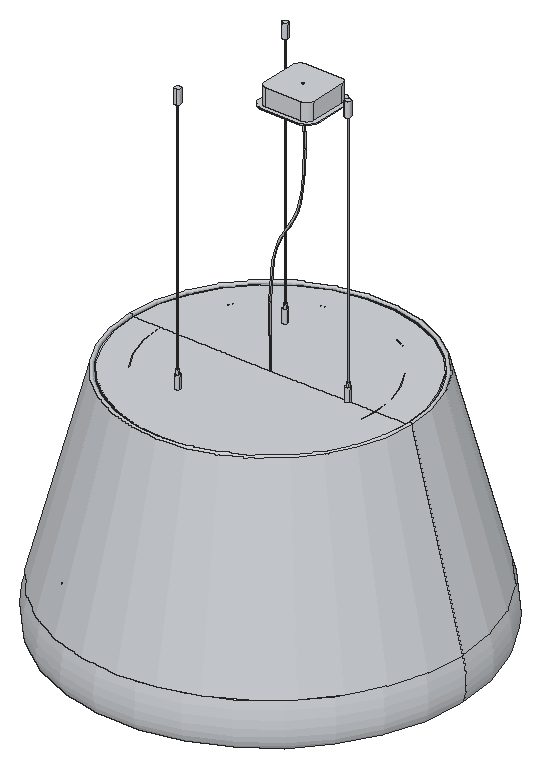
Revit family "BuzziBurner", category Lighting Fixtures, host Ceiling, Revit 2018
Family settings
  Host = Ceiling
  Round Connector Dimension = Use Diameter
  Part Type = Normal
  OmniClass Number = 23.80.70.11
  OmniClass Title = Luminaries for Internal Lighting
  Always vertical = Yes
  Cut with Voids When Loaded = No
  Light Source = Yes
  Shared = No
  Room Calculation Point = No
Parameters (values of type "Ceiling Suspended Straight")
  Wattage = 12.1178 W
  built-in parameter 1150110 = 1 (stored number, unit not read)
  built-in parameter 1114217 = 1 (stored number, unit not read)
  built-in parameter 1150109 = 1 (stored number, unit not read)
  built-in parameter 1150134 = (empty or 0)
  built-in parameter 1150113 = 1 (stored number, unit not read)
  Shade Upholstery [instance] = none
  Metal Housing [instance] = none
  Lumens = 1800 lm
  built-in parameter 1150115 = 1 (stored number, unit not read)
  built-in parameter 1150105 = 572.96 (stored number, unit not read)
  Light Source Symbol Size = 60.96 cm
  built-in parameter 1150137 = (empty or 0)
  built-in parameter 1150139 = (empty or 0)
  Light Material [instance] = none
  built-in parameter 1150112 = 1 (stored number, unit not read)
  built-in parameter 1150114 = 1 (stored number, unit not read)
  built-in parameter 1150132 = 2
  built-in parameter 1150102 = (empty or 0)
  built-in parameter 1150138 = (empty or 0)
  built-in parameter 1150107 = 3000 (stored number, unit not read)
  built-in parameter 1150106 = 5.7296 (stored number, unit not read)
  built-in parameter 1150104 = 13.8 (stored number, unit not read)
  Drop From Ceiling [instance] = 106.68 cm
  Dimming Lamp Color Temperature Shift = <None>
  Cord [instance] = none
  Color Filter = 16777215
  Ceiling Suspended Straight = yes
  Ceiling Suspended Split = no
  Canopy [instance] = none
  Cables [instance] = none
  built-in parameter 1114218 = 1 (stored number, unit not read)
  built-in parameter 1150133 = 10 (stored number, unit not read)
Types (3, lengths in cm): name | Ceiling Suspended Straight | Ceiling Suspended Split
  (no name) | yes | no
  Ceiling Suspended Straight | yes | no
  Ceiling Suspended Split | no | yes
Reference planes (cm)
  plane 1 "Light Source Axis (F/B)": y = 0
  plane 2 "Ceiling": z = 243.84
  plane 3 "Light Source Axis (L/R)": x = 0
  plane 4 "Light Source Elevation": z = 178.7128
  plane 5: z = 137.16
  plane 6: z = 186.6628
  plane 7: z = 190.2128
  plane 8: z = 230.2128
  plane 9: z = 226.6628
Forms (cm)
  Revolve 1, solid, material <- "Cables"
    sketch origin (0, -14.2894, 0) x (1, 0, 0) y (0, 0, 1)
      loop
        line (-8.25, 190.2128) -> (-8.5, 190.2128) -> (-8.5, 189.3128) -> (-8.75, 189.3128) -> (-8.75, 186.6628) -> (-8.25, 186.6628) -> (-8.25, 190.2128)
      axis (-8.25, 186.6628) -> (-8.25, 190.2128)
    angle from 0 to 360
  Revolve 2, solid, material <- "Cables"
    sketch origin (0, 14.2894, 0) x (1, 0, 0) y (0, 0, 1)
      loop
        line (-8.25, 190.2128) -> (-8.5, 190.2128) -> (-8.5, 189.3128) -> (-8.75, 189.3128) -> (-8.75, 186.6628) -> (-8.25, 186.6628) -> (-8.25, 190.2128)
      axis (-8.25, 186.6628) -> (-8.25, 190.2128)
    angle from 0 to 360
  Revolve 3, solid, material <- "Cables"
    sketch origin (24.75, 0, 0) x (1, 0, 0) y (0, 0, 1)
      loop
        line (-8.25, 190.2128) -> (-8.5, 190.2128) -> (-8.5, 189.3128) -> (-8.75, 189.3128) -> (-8.75, 186.6628) -> (-8.25, 186.6628) -> (-8.25, 190.2128)
      axis (-8.25, 186.6628) -> (-8.25, 190.2128)
    angle from 0 to 360
  Extrusion 4, solid, material <- "Canopy"
    sketch origin (1, 0, 243.84) x (1, 0, 0) y (0, 1, 0)
      loop
        arc (2.2433, 5.25) -> (1.1839, 4.8112) -> (0.7451, 3.7518) r 1.4982
        line (0.7451, 3.7518) -> (0.7451, -3.7518)
        arc (0.7451, -3.7518) -> (1.1839, -4.8112) -> (2.2433, -5.25) r 1.4982
        line (2.2433, -5.25) -> (9.7469, -5.25)
        arc (9.7469, -5.25) -> (10.8062, -4.8112) -> (11.2451, -3.7518) r 1.4982
        line (11.2451, -3.7518) -> (11.2451, 3.7518)
        arc (11.2451, 3.7518) -> (10.8062, 4.8112) -> (9.7469, 5.25) r 1.4982
        line (9.7469, 5.25) -> (2.2433, 5.25)
    from 0 to -3.5
  Extrusion 5, solid, material <- "Canopy"
    sketch origin (1, 0, 243.84) x (1, 0, 0) y (0, 1, 0)
      loop
        line (9.7051, 6.25) -> (2.2851, 6.25)
        arc (2.2851, 6.25) -> (0.489, 5.5061) -> (-0.2549, 3.71) r 2.54
        line (-0.2549, 3.71) -> (-0.2549, -3.71)
        arc (-0.2549, -3.71) -> (0.489, -5.5061) -> (2.2851, -6.25) r 2.54
        line (2.2851, -6.25) -> (9.7051, -6.25)
        arc (9.7051, -6.25) -> (11.5011, -5.5061) -> (12.2451, -3.71) r 2.54
        line (12.2451, -3.71) -> (12.2451, 3.71)
        arc (12.2451, 3.71) -> (11.5011, 5.5061) -> (9.7051, 6.25) r 2.54
    from -3.5 to -3.65
  Extrusion 6, solid, material <- "Canopy"
    sketch origin (1.0053, 0, 243.84) x (1, 0, 0) y (0, 1, 0)
      loop
        circle (5.9897, 0) r 0.7172
    from -3.65 to -5.4511
  Sweep 7, solid, material <- "Cord"
    path origin (0, 0, 0) x (1, 0, 0) y (0, 0, 1)
      loop
        spline (0, 186.6628) -> (-0.2278, 196.1938) -> (0.0026, 203.0439) -> (0.6152, 207.8084) -> (1.5337, 211.083) -> (2.6741, 213.4485) -> (3.9098, 215.4078) -> (5.1006, 217.4379) -> (6.1061, 220.0161) -> (6.8124, 223.5932) -> (7.1974, 228.5294) -> (7.259, 235.1648) -> (6.9951, 243.84)
    profile origin (6.9951, 0, 243.84) x (-0.999052, 0, -0.043528) y (0, -1, 0)
      loop
        circle (0, 0) r 0.1588
  Extrusion 8, solid, material <- "Cables", visible <- "Ceiling Suspended Straight"
    sketch origin (0, 0, 243.84) x (1, 0, 0) y (0, 1, 0)
      loop
        circle (-8.25, 14.2894) r 0.6
    from 0 to -2.9
  Extrusion 9, solid, material <- "Cables", visible <- "Ceiling Suspended Straight"
    sketch origin (0, 0, 243.84) x (1, 0, 0) y (0, 1, 0)
      loop
        circle (-8.25, 14.2894) r 0.08
    from -2.9 to -53.6272
  Extrusion 10, solid, material <- "Cables", visible <- "Ceiling Suspended Straight"
    sketch origin (0, 0, 243.84) x (-0.5, 0.866025, 0) y (-0.866025, -0.5, 0)
      loop
        circle (-8.25, 14.2894) r 0.08
    from -2.9 to -53.6272
  Extrusion 11, solid, material <- "Cables", visible <- "Ceiling Suspended Straight"
    sketch origin (0, 0, 243.84) x (-0.5, 0.866025, 0) y (-0.866025, -0.5, 0)
      loop
        circle (-8.25, 14.2894) r 0.6
    from 0 to -2.9
  Extrusion 12, solid, material <- "Cables", visible <- "Ceiling Suspended Straight"
    sketch origin (0, 0, 243.84) x (-0.5, -0.866025, 0) y (0.866025, -0.5, 0)
      loop
        circle (-8.25, 14.2894) r 0.08
    from -2.9 to -53.6272
  Extrusion 13, solid, material <- "Cables", visible <- "Ceiling Suspended Straight"
    sketch origin (0, 0, 243.84) x (-0.5, -0.866025, 0) y (0.866025, -0.5, 0)
      loop
        circle (-8.25, 14.2894) r 0.6
    from 0 to -2.9
  Extrusion 14, solid, material <- "Cables", visible <- "Ceiling Suspended Split"
    sketch origin (8.25, -14.2894, 243.84) x (1, 0, 0) y (0, 1, 0)
      loop
        circle (-8.25, 14.2894) r 0.6
    from 0 to -2.9
  Extrusion 15, solid, material <- "Cables", visible <- "Ceiling Suspended Split"
    sketch origin (8.25, -14.2894, 243.84) x (1, 0, 0) y (0, 1, 0)
      loop
        circle (-8.25, 14.2894) r 0.08
    from -2.9 to -13.6272
  Revolve 16, solid, material <- "Cables", visible <- "Ceiling Suspended Split"
    sketch origin (8.25, 0, 40) x (1, 0, 0) y (0, 0, 1)
      loop
        line (-8.25, 190.2128) -> (-8.5, 190.2128) -> (-8.5, 189.3128) -> (-8.75, 189.3128) -> (-8.75, 186.6628) -> (-8.25, 186.6628) -> (-8.25, 190.2128)
      axis (-8.25, 186.6628) -> (-8.25, 190.2128)
    angle from 0 to 360
  Blend 17, solid, material <- "Cables", visible <- "Ceiling Suspended Split"
    base sketch origin (-129.2295, -457.2, 190.2128) x (-1, 0, 0) y (0, -1, 0)
      loop
        circle (-120.9795, -471.4894) r 0.08
    top sketch origin (-129.2295, -457.2, 190.2128) x (-1, 0, 0) y (0, -1, 0)
      loop
        circle (-129.2295, -457.2) r 0.0794
    from 0 to 36.45
  Blend 18, solid, material <- "Cables", visible <- "Ceiling Suspended Split"
    base sketch origin (-129.2295, -457.2, 190.2128) x (-1, 0, 0) y (0, -1, 0)
      loop
        circle (-120.9795, -442.9106) r 0.08
    top sketch origin (-129.2295, -457.2, 190.2128) x (-1, 0, 0) y (0, -1, 0)
      loop
        circle (-129.2295, -457.2) r 0.0794
    from 0 to 36.45
  Blend 19, solid, material <- "Cables", visible <- "Ceiling Suspended Split"
    base sketch origin (-129.2295, -457.2, 190.2128) x (-1, 0, 0) y (0, -1, 0)
      loop
        circle (-145.7295, -457.2) r 0.08
    top sketch origin (-129.2295, -457.2, 190.2128) x (-1, 0, 0) y (0, -1, 0)
      loop
        circle (-129.2295, -457.2) r 0.0794
    from 0 to 36.45
Dimensions and locks (cm)
  equal spacing: host sketch curve, plane 3 "Light Source Axis (L/R)", host sketch curve
  equal spacing: host sketch curve, plane 1 "Light Source Axis (F/B)", host sketch curve
  host sketch curve to host sketch curve = 304.8 cm  (x2)
  "Drop From Ceiling": plane 2 "Ceiling" to plane 5
  plane 8 to plane 9 to plane 7 to plane 6 to plane 4 "Light Source Elevation" to plane 5 = 3.55 cm locked, 36.45 cm locked, 3.55 cm locked, 7.95 cm locked, 41.5528 cm locked
  aligned and locked: plane 3 "Light Source Axis (L/R)" to imposter light
  aligned and locked: plane 1 "Light Source Axis (F/B)" to imposter light
  aligned and locked: plane 4 "Light Source Elevation" to imposter light
  aligned and locked: plane 5 to nested 1
  aligned and locked: plane 6 to Revolve 1 sketch curve
  aligned and locked: plane 6 to Revolve 3 sketch curve
  aligned and locked: plane 6 to Revolve 2 sketch curve
  aligned and locked: plane 2 "Ceiling" to Sweep 7 sketch curve
  aligned and locked: plane 6 to Sweep 7 sketch curve
  aligned and locked: Extrusion 10 to plane 7
  aligned and locked: Extrusion 9 to plane 7
  aligned and locked: Extrusion 12 to plane 7
  aligned and locked: Extrusion 15 to plane 8
  aligned and locked: plane 9 to Blend 17
  aligned and locked: plane 9 to Blend 18
  aligned and locked: plane 9 to Blend 19
Automatic sketch dimensions
  Revolve 1 sketch curve to plane 7 = 0 cm
  Revolve 1 sketch curve to plane 3 "Light Source Axis (L/R)" = 8.75 cm
  Revolve 1 sketch curve to Revolve 1 sketch curve = 0.25 cm
  Revolve 1 sketch curve to Revolve 1 sketch curve = 0.5 cm
  Revolve 1 sketch curve to Revolve 1 sketch curve = 0.9 cm
  Revolve 1 sketch curve to Revolve 1 sketch curve = 0 cm
  plane 7 to Revolve 1 sketch curve = 1.7172 cm
  Revolve 1 sketch curve to Revolve 1 sketch curve = 2.2928 cm
  Revolve 2 sketch curve to plane 7 = 0 cm
  Revolve 2 sketch curve to plane 3 "Light Source Axis (L/R)" = 8.75 cm
  Revolve 2 sketch curve to Revolve 2 sketch curve = 0.25 cm
  Revolve 2 sketch curve to Revolve 2 sketch curve = 0.5 cm
  Revolve 2 sketch curve to Revolve 2 sketch curve = 0.9 cm
  Revolve 2 sketch curve to Revolve 2 sketch curve = 0 cm
  plane 7 to Revolve 2 sketch curve = 1.7172 cm
  Revolve 2 sketch curve to Revolve 2 sketch curve = 2.2928 cm
  Revolve 3 sketch curve to plane 7 = 0 cm
  plane 3 "Light Source Axis (L/R)" to Revolve 3 sketch curve = 16 cm
  Revolve 3 sketch curve to Revolve 3 sketch curve = 0.25 cm
  Revolve 3 sketch curve to Revolve 3 sketch curve = 0.5 cm
  Revolve 3 sketch curve to Revolve 3 sketch curve = 0.9 cm
  Revolve 3 sketch curve to Revolve 3 sketch curve = 0 cm
  plane 7 to Revolve 3 sketch curve = 1.7172 cm
  Revolve 3 sketch curve to Revolve 3 sketch curve = 2.2928 cm
  plane 3 "Light Source Axis (L/R)" to Extrusion 4 sketch curve = 1.7451 cm
  Extrusion 4 sketch curve to Extrusion 4 sketch curve = 1.4982 cm  (x3)
  Extrusion 4 sketch curve to Extrusion 4 sketch curve = 7.5036 cm  (x2)
  plane 1 "Light Source Axis (F/B)" to Extrusion 4 sketch curve = 3.7518 cm
  Extrusion 4 sketch curve to plane 1 "Light Source Axis (F/B)" = 3.7518 cm
  plane 3 "Light Source Axis (L/R)" to Extrusion 5 sketch curve = 0.7451 cm
  Extrusion 5 sketch curve to Extrusion 5 sketch curve = 2.54 cm  (x2)
  plane 3 "Light Source Axis (L/R)" to Extrusion 5 sketch curve = 3.2851 cm
  Extrusion 5 sketch curve to Extrusion 5 sketch curve = 7.42 cm  (x2)
  plane 1 "Light Source Axis (F/B)" to Extrusion 5 sketch curve = 6.25 cm
  Extrusion 5 sketch curve to plane 1 "Light Source Axis (F/B)" = 3.71 cm
  plane 1 "Light Source Axis (F/B)" to Extrusion 6 sketch curve = 0 cm
  plane 3 "Light Source Axis (L/R)" to Extrusion 6 sketch curve = 6.9951 cm
  Sweep 7 sketch curve to plane 3 "Light Source Axis (L/R)" = 0 cm
  plane 3 "Light Source Axis (L/R)" to Sweep 7 sketch curve = 6.9951 cm
  plane 1 "Light Source Axis (F/B)" to Sweep 7 sketch curve = 0 cm
  Sweep 7 sketch curve to profile plane = 0 cm
  Extrusion 8 sketch curve to plane 3 "Light Source Axis (L/R)" = 8.25 cm
  Extrusion 8 sketch curve to plane 1 "Light Source Axis (F/B)" = 14.2894 cm
  Extrusion 9 sketch curve to plane 3 "Light Source Axis (L/R)" = 8.25 cm
  Extrusion 9 sketch curve to plane 1 "Light Source Axis (F/B)" = 14.2894 cm
  Extrusion 10 sketch curve to plane 3 "Light Source Axis (L/R)" = 8.25 cm
  plane 1 "Light Source Axis (F/B)" to Extrusion 10 sketch curve = 14.2894 cm
  Extrusion 11 sketch curve to plane 3 "Light Source Axis (L/R)" = 8.25 cm
  plane 1 "Light Source Axis (F/B)" to Extrusion 11 sketch curve = 14.2894 cm
  plane 1 "Light Source Axis (F/B)" to Extrusion 12 sketch curve = 0 cm
  plane 3 "Light Source Axis (L/R)" to Extrusion 12 sketch curve = 16.5 cm
  plane 1 "Light Source Axis (F/B)" to Extrusion 13 sketch curve = 0 cm
  plane 3 "Light Source Axis (L/R)" to Extrusion 13 sketch curve = 16.5 cm
  plane 1 "Light Source Axis (F/B)" to Extrusion 14 sketch curve = 0 cm
  Extrusion 14 sketch curve to plane 3 "Light Source Axis (L/R)" = 0 cm
  plane 1 "Light Source Axis (F/B)" to Extrusion 15 sketch curve = 0 cm
  Extrusion 15 sketch curve to plane 3 "Light Source Axis (L/R)" = 0 cm
  plane 6 to Revolve 16 sketch curve = 40 cm
  plane 7 to Revolve 16 sketch curve = 40 cm
  Revolve 16 sketch curve to plane 3 "Light Source Axis (L/R)" = 0 cm  (x2)
  Revolve 16 sketch curve to Revolve 16 sketch curve = 0.25 cm  (x2)
  Revolve 16 sketch curve to Revolve 16 sketch curve = 0.9 cm
  plane 7 to Revolve 16 sketch curve = 41.7172 cm
  Revolve 16 sketch curve to Revolve 16 sketch curve = 2.2928 cm
  Blend 17 sketch curve to plane 3 "Light Source Axis (L/R)" = 8.25 cm
  Blend 17 sketch curve to plane 1 "Light Source Axis (F/B)" = 14.2894 cm
  plane 1 "Light Source Axis (F/B)" to Blend 17 sketch curve = 0 cm
  Blend 17 sketch curve to plane 3 "Light Source Axis (L/R)" = 0 cm
  Blend 18 sketch curve to plane 3 "Light Source Axis (L/R)" = 8.25 cm
  plane 1 "Light Source Axis (F/B)" to Blend 18 sketch curve = 14.2894 cm
  plane 1 "Light Source Axis (F/B)" to Blend 18 sketch curve = 0 cm
  Blend 18 sketch curve to plane 3 "Light Source Axis (L/R)" = 0 cm
  plane 1 "Light Source Axis (F/B)" to Blend 19 sketch curve = 0 cm  (x2)
  plane 3 "Light Source Axis (L/R)" to Blend 19 sketch curve = 16.5 cm
  Blend 19 sketch curve to plane 3 "Light Source Axis (L/R)" = 0 cm
  radius of Extrusion 6 sketch curve = 0.7172 cm
  radius of Sweep 7 sketch curve = 0.1588 cm
  radius of Extrusion 8 sketch curve = 0.6 cm
  radius of Extrusion 9 sketch curve = 0.08 cm
  radius of Extrusion 10 sketch curve = 0.08 cm
  radius of Extrusion 11 sketch curve = 0.6 cm
  radius of Extrusion 12 sketch curve = 0.08 cm
  radius of Extrusion 13 sketch curve = 0.6 cm
  radius of Extrusion 14 sketch curve = 0.6 cm
  radius of Extrusion 15 sketch curve = 0.08 cm
  radius of Blend 17 sketch curve = 0.08 cm
  radius of Blend 17 sketch curve = 0.0794 cm
  radius of Blend 18 sketch curve = 0.08 cm
  radius of Blend 18 sketch curve = 0.0794 cm
  radius of Blend 19 sketch curve = 0.08 cm
  radius of Blend 19 sketch curve = 0.0794 cm
Nested families (cm)
  nested 1: "BuzziBurner - Fixture" at (0, 0, 137.16), Shade Upholstery <- "Shade Upholstery", Metal Housing <- "Metal Housing", Light Material <- "Light Material", type "BuzziBurner - Fixture"
    with Shade Upholstery none, Metal Housing none
Definition of nested family "BuzziBurner - Fixture"
  Parameters (values of type "BuzziBurner - Fixture")
    Shade Upholstery [instance] = none
    Metal Housing [instance] = none
    Light Material [instance] = none
  Reference planes (cm)
    plane 1 "Center (Front/Back)": y = 0
    plane 2: z = 0
    plane 3 "Center (Left/Right)": x = 0
    plane 4: z = 49.3527
    plane 5: z = 41.5528
    plane 6: x = -20.8612
    plane 7: x = 20.8612
  Forms (cm)
    Revolve 1, solid, material <- "Shade Upholstery"
      sketch origin (0, 0, 0) x (1, 0, 0) y (0, 0, 1)
        loop
          line (-23.5475, 49.3527) -> (-29.4819, 49.3527)
          arc (-29.4819, 49.3527) -> (-29.5884, 49.8881) -> (-30.0881, 49.6682) r 0.35
          line (-30.0881, 49.6682) -> (-40.8429, 9.5318)
          spline (-40.8429, 9.5318) -> (-41.3386, 7.2608) -> (-41.5898, 5.0882) -> (-41.5795, 3.1619) -> (-41.3084, 1.6133) -> (-40.795, 0.548) -> (-40.0742, 0.0383) -> (-39.1952, 0.1193) -> (-38.2178, 0.7852) -> (-37.2087, 1.9907) -> (-36.2367, 3.6538) -> (-35.3679, 5.6609) -> (-34.6616, 7.8754)
          line (-34.6616, 7.8754) -> (-23.5475, 49.3527)
        axis (0, 49.6682) -> (0, 7.8754)
      angle from 0 to 360
    Revolve 2, solid, material <- "Metal Housing"
      sketch origin (0, 0, 0) x (1, 0, 0) y (0, 0, 1)
        loop
          line (0, 49.5028) -> (-29, 49.5028) -> (-29, 49.3527) -> (-22.3, 49.3527) -> (-22.3, 41.5528) -> (-23.5, 41.5528) -> (-23.5, 41.2528) -> (-20.8612, 41.2528) -> (-20.8612, 41.7528) -> (0, 41.7528) -> (0, 49.5028)
        axis (0, 49.5028) -> (0, 41.2528)
      angle from 0 to 360
    Extrusion 3, solid, material <- "Light Material"
      sketch origin (-20.5247, -457.2, 41.5528) x (0, -1, 0) y (-1, 0, 0)
        loop
          circle (-457.2, -20.5247) r 20.8612
      from 0 to -0.2
  Dimensions and locks (cm)
    aligned and locked: plane 2 to level
